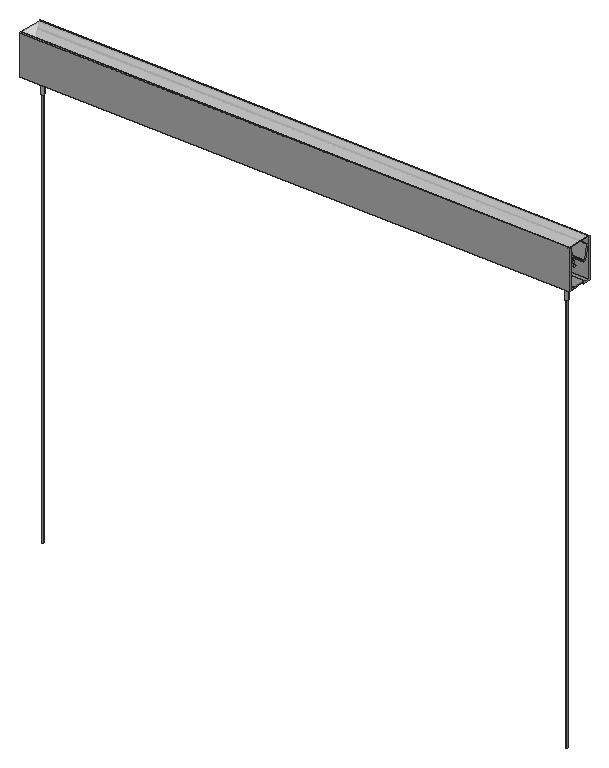
Revit family "2093115 Sylvania Lighting Fixture MC2 1-2M 4K DALI WHT OPAL", category Lighting Fixtures, host Face, Revit 2016
Family settings
  Host = Face
  Part Type = Normal
  Round Connector Dimension = Use Diameter
  OmniClass Number = 23.80.70.11.17
  OmniClass Title = Specialized Lighting by Location or Use
  Cut with Voids When Loaded = No
  Light Source = Yes
  Shared = No
  Room Calculation Point = No
Parameters (values of type "2093115 MC2 1.2M 4K DALI WHT OPAL")
  Width_SYL = 54.0 mm
  Weight = "2.5 kg"
  Wattage = 20.97 W
  WarrantyStartDate [instance] = "n/a"
  WarrantyGuarantorParts = "n/a"
  WarrantyDurationUnit = "n/a"
  WarrantyDurationParts = "n/a"
  WarrantyDescription = "n/a"
  built-in parameter 1150110 = 1 (stored number, unit not read)
  Voltage = 0 V
  URL = "http://www.sylvania-lighting.com"
  TypeName = "MC2 1.2M 4K DALI WHT OPAL"
  built-in parameter 1114217 = 1 (stored number, unit not read)
  Tilt Angle = -90.00°
  built-in parameter 1150109 = 1 (stored number, unit not read)
  built-in parameter 1150134 = 12
  built-in parameter 1150113 = 1 (stored number, unit not read)
  SerialNumber [instance] = "n/a"
  PowerFactor = 0.98
  PowerConsumption = "20.97 W"
  NominalWidth = 0.0 mm
  NominalLength = 1200.0 mm
  NominalHeight = 86.0 mm
  Name = "MC2 1.2M 4K DALI WHT OPAL"
  ModelReference = "MC2 1.2M 4K DALI WHT OPAL"
  ModelNumber = "2093115"
  Material_3_SYL = Metal_Sylvania_Mini Contiuum II_Silver
  Photometric Web File = "2093115.ies"
  Material_4_SYL = Metal_Sylvania_Mini Contiuum II_Silver
  MountingHeight_SYL [instance] = 1000.0 mm
  Material = "aluminium housing, polycarbonate diffuser"
  ManufacturerName = "Feilo Sylvania"
  LuminousEfficacy = "112 lm/W"
  LuminaireType = ""
  LightOutputRatio = "100"
  Length_SYL = 1200.0 mm
  LampsType = Lamp  # "LED"
  LampNominalLuminous = "2340 lm"
  LampMacAdamStep = "3"
  LampColourTemperature = "4000 K"
  LampColourRenderingIndex = "80"
  Keynote = "16500"
  InstallationDate [instance] = "n/a"
  InputVoltage = "n/a"
  InputNominalFrequency = "n/a"
  IngressProtection = "IP20"
  ImpactProtectionIndex = "n/a"
  IfcExportType = "IfcLightFixtureType"
  IfcExportAs = "IfcLightFixtureType"
  Height_SYL = 86.0 mm
  ExpectedLife = 50000
  EndCapRight_SYL [instance] = no
  EndCapLeft_SYL [instance] = no
  Emit from Rectangle Width = Width_SYL - 2.0 mm  # 52.0 mm
  Emit from Rectangle Length = Length_SYL  # 1200.0 mm
  Emit Shape Visible in Rendering = no
  ElectricShockClassification = "Class I"
  DurationUnit = "hours"
  DocumentationLiterature = "http://www.sylvania-lighting.com/product/en-int/products/2093115"
  DimmingControlOptions = "n/a"
  CreatedOn = "10/15/2018"
  CreatedBy = "@sylvania-lighting.com"
  built-in parameter 1114216 [instance] = 1 (stored number, unit not read)
  Model = "MC2 1.2M 4K DALI WHT OPAL"
  Manufacturer = "Feilo Sylvania"
  built-in parameter 1150105 = 186.9 (stored number, unit not read)
  Lumens = 2348.64 lm
  built-in parameter 1150115 = 1 (stored number, unit not read)
  built-in parameter 1150137 = (empty or 0)
  built-in parameter 1150139 = (empty or 0)
  built-in parameter 1150112 = 1 (stored number, unit not read)
  built-in parameter 1150114 = 1 (stored number, unit not read)
  Lamp = "LED"
  built-in parameter 1150132 = 2
  built-in parameter 1150102 = (empty or 0)
  built-in parameter 1150107 = 4000 (stored number, unit not read)
  built-in parameter 1150138 = (empty or 0)
  built-in parameter 1150106 = 1.869 (stored number, unit not read)
  Material_1_SYL = Metal_Sylvania_Mini Continuum II_White
  built-in parameter 1150104 = 10.405 (stored number, unit not read)
  Dimming Lamp Color Temperature Shift = <None>
  Material_2_SYL = Polycarbonate_Sylvania_Mini Continuum II_Opal_4000K
  Description = "2093115   MC2 1.2M 4K DALI WHT OPAL  Continuous lines of LED light, white RAL 9016, direct distribution, trimless detail for a seamless finish, suitable for recessed, semi-recessed, surface-mounted or suspended installation either horizontally or vertically, various accessories available, compact and minimalist design based on the Golden Mean, ideal for offices, meeting rooms, corridors, education facilities, museums and libraries, extruded aluminium body, diffuser: opal, colour temperature: 4000K neutral white, total system power: 21W, total fixture output: 2207lm, luminaire efficacy: 105lm/W, LOR: 100%, colour rendering: Ra >80, LED Chromacity: 1 step MacAdam ellipse, lifetime: 60,000 hours at 90% of the original output (L90), energy class: A++, A+, A, IR/UV free light source without heat radiation, operating voltage: 220-240V / 50-60Hz, drive current: 800mA, electronic driver, DALI dimmable, electrical protection: CLASS I, IP20, suitable for internal internal environment only."
  Default Elevation = 0.0 mm
  Color Filter = 16777215
  built-in parameter 1140040 [instance] = 1
  BarCode [instance] = "n/a"
  built-in parameter 1114218 = 1 (stored number, unit not read)
  built-in parameter 1150133 = 10 (stored number, unit not read)
  AssetType = "Fixed"
  AssetIdentifier [instance] = "n/a"
  Assembly Code = "D5020200"
  Apparent Load = 20.97 VA
Reference planes
  plane 1 "Center (Front/Back)": y = 0
  plane 2 "Bottom Fixtures": z = 0
  plane 3 "Center (Left/Right)": x = 0
  plane 4 "Fixture Left": x = -600
  plane 5 "Fixture Right": x = 600
  plane 6 "Fixture Bottom": z = 1000
  plane 7: z = 998
  plane 8: z = 996
  plane 9: z = 986.951
  plane 10: z = 956.951
  plane 11 "Fixture Top": z = 914
  plane 12 "Mounting Right": x = 572
  plane 13 "Mounting Left": x = -572
  plane 14: z = 879
  plane 15: y = 27
  plane 16: y = -27
  plane 17: y = -26
  plane 18: y = -25
  plane 19: y = 26
  plane 20: y = 25
  plane 21: y = 11
  plane 22: y = -11
  plane 23: y = 24
  plane 24: y = 22
  plane 25: y = -22
  plane 26: y = 15
  plane 27: y = -15
  plane 28 "Upper Diffuser Left": x = -450
  plane 29 "Upper Diffuser Right": x = 450
  plane 30: x = -602
  plane 31: x = 602
Forms (mm)
  Extrusion 1, solid, material "Metal_Sylvania_Mini Continuum II_White" <- "Material_1_SYL", detail levels fine
    sketch origin (0, 0, 520) x (0, 1, 0) y (0, 0, 1)
      loop
        line (27, 480) -> (26, 480) -> (26, 478) -> (25, 478) -> (25, 396) -> (13, 396) -> (13, 398) -> (-13, 398) -> (-13, 396) -> (-25, 396) -> (-25, 478) -> (-26, 478) -> (-26, 480) -> (-27, 480) -> (-27, 394) -> (-11, 394) -> (-11, 396) -> (11, 396) -> (11, 394) -> (27, 394) -> (27, 480)
    from -600 to 600
  Extrusion 2, solid, material "Polycarbonate_Sylvania_Mini Continuum II_Opal_4000K" <- "Material_2_SYL", detail levels fine
    sketch origin (0, 0, 520) x (0, 1, 0) y (0, 0, 1)
      loop
        line (-26, 480) -> (-26, 478) -> (26, 478) -> (26, 480) -> (-26, 480)
    from -600 to 600
  Extrusion 3, solid, material "Metal_Sylvania_Mini Contiuum II_Silver" <- "Material_3_SYL", detail levels fine
    sketch origin (0, 0, 520) x (0, 1, 0) y (0, 0, 1)
      loop
        line (22, 466.951) -> (20.973, 466.951) -> (14.206, 437.951) -> (11, 437.951) -> (11, 436.951) -> (15, 436.951) -> (22, 466.951)
      loop
        line (-15, 436.951) -> (-11, 436.951) -> (-11, 437.951) -> (-14.206, 437.951) -> (-20.973, 466.951) -> (-22, 466.951) -> (-15, 436.951)
    from -600 to 600
  Extrusion 4, solid, material "Metal_Sylvania_Mini Continuum II_White" <- "Material_1_SYL", detail levels coarse+medium
    sketch origin (0, 0, 520) x (0, 1, 0) y (0, 0, 1)
      loop
        line (-27, 480) -> (-27, 394) -> (27, 394) -> (27, 480) -> (-27, 480)
    from -600 to 600
  Extrusion 5, solid, material "Metal_Sylvania_Mini Contiuum II_Silver" <- "Material_4_SYL", detail levels fine
    sketch origin (0, 0, -86) x (-1, 0, 0) y (0, -1, 0)
      loop
        circle (572, 0) r 4
      loop
        circle (-572, 0) r 4
    from 965 to 1002
  Extrusion 6, solid, material "Metal_Sylvania_Mini Contiuum II_Silver" <- "Material_4_SYL", detail levels fine
    sketch origin (0, 0, -86) x (-1, 0, 0) y (0, -1, 0)
      loop
        circle (-572, 0) r 1
      loop
        circle (572, 0) r 1
    from 86 to 965
  Extrusion 7, solid, material "Metal_Sylvania_Mini Continuum II_White" <- "Material_1_SYL", visible <- "EndCapLeft_SYL"
    sketch origin (-600, 171.684, 1219.2) x (0, 1, 0) y (0, 0, 1)
      loop
        line (-198.684, -305.2) -> (-144.684, -305.2) -> (-144.684, -219.2) -> (-198.684, -219.2) -> (-198.684, -305.2)
    from 0 to -2
  Extrusion 8, solid, material "Metal_Sylvania_Mini Continuum II_White" <- "Material_1_SYL", visible <- "EndCapRight_SYL"
    sketch origin (600, 171.684, 1219.2) x (0, 1, 0) y (0, 0, -1)
      loop
        line (-144.684, 219.2) -> (-144.684, 305.2) -> (-198.684, 305.2) -> (-198.684, 219.2) -> (-144.684, 219.2)
    from 0 to -2
Lines and regions (mm)
  Masking region 1
    outline origin (0, 0, -86) x (-1, 0, 0) y (0, -1, 0)
      loop
        line (600, -27) -> (600, 27) -> (-600, 27) -> (-600, -27) -> (600, -27)
  symbolic lines, detail levels fine
    curve 1: line (-600, 26, -86) -> (600, 26, -86)
    curve 2: line (-600, -26, -86) -> (600, -26, -86)
  model lines, detail levels coarse+medium
    curve 3: line (-572, 0, 914) -> (-572, 0, 0)
    curve 4: line (572, 0, 914) -> (572, 0, 0)
Dimensions and locks
  host sketch curve to plane 3 "Center (Left/Right)" to host sketch curve = 820.0 mm, 775.047 mm
  equal spacing: plane 4 "Fixture Left", plane 3 "Center (Left/Right)", plane 5 "Fixture Right"
  "Length_SYL": plane 4 "Fixture Left" to plane 5 "Fixture Right"
  plane 6 "Fixture Bottom" to plane 7 to plane 8 to plane 9 to plane 10 = 2.0 mm locked, 2.0 mm locked, 9.049 mm locked, 30.0 mm locked
  locked: Extrusion 1 sketch curve to Extrusion 1 sketch curve at 2
  locked: Extrusion 1 sketch curve to plane 11 "Fixture Top" at 2
  "Height_SYL": plane 6 "Fixture Bottom" to plane 11 "Fixture Top"
  locked: plane 12 "Mounting Right" to plane 5 "Fixture Right" at 28
  locked: plane 4 "Fixture Left" to plane 13 "Mounting Left" at 28
  locked: plane 11 "Fixture Top" to plane 14 at 35
  "MountingHeight_SYL": plane 6 "Fixture Bottom" to plane 2 "Bottom Fixtures"
  equal spacing: plane 15, plane 1 "Center (Front/Back)", plane 16
  "Width_SYL": plane 15 to plane 16
  plane 22 to plane 27 to plane 25 to plane 18 to plane 17 to plane 16 = 4.0 mm locked, 7.0 mm locked, 3.0 mm locked, 1.0 mm locked, 1.0 mm locked
  plane 15 to plane 19 to plane 20 to plane 23 to plane 24 to plane 26 to plane 21 = 1.0 mm locked, 1.0 mm locked, 1.0 mm locked, 2.0 mm locked, 7.0 mm locked, 4.0 mm locked
  locked: plane 4 "Fixture Left" to plane 28 "Upper Diffuser Left" at 150
  locked: plane 29 "Upper Diffuser Right" to plane 5 "Fixture Right" at 150
  equal spacing: plane 30, plane 3 "Center (Left/Right)", plane 31
  locked: plane 30 to plane 4 "Fixture Left" at 2
  aligned and locked: plane 2 "Bottom Fixtures" to host face
  aligned and locked: level to host face
  aligned and locked: plane 5 "Fixture Right" to curve 1
  aligned and locked: plane 4 "Fixture Left" to curve 1
  aligned and locked: plane 4 "Fixture Left" to curve 2
  aligned and locked: plane 5 "Fixture Right" to curve 2
  aligned and locked: Extrusion 1 sketch curve to plane 7
  aligned and locked: plane 6 "Fixture Bottom" to Extrusion 1 sketch curve  (x2)
  aligned and locked: plane 7 to Extrusion 1 sketch curve
  aligned and locked: Extrusion 1 to Extrusion 2 sketch curve
  aligned and locked: Extrusion 2 sketch curve to Extrusion 1  (x3)
  aligned and locked: Extrusion 3 sketch curve to plane 10
  aligned and locked: plane 9 to Extrusion 3 sketch curve
  aligned and locked: Extrusion 3 sketch curve to plane 9
  aligned and locked: Extrusion 4 sketch curve to plane 6 "Fixture Bottom"
  aligned and locked: Extrusion 4 to plane 4 "Fixture Left"
  aligned and locked: Extrusion 2 to plane 4 "Fixture Left"
  aligned and locked: Extrusion 3 to plane 4 "Fixture Left"
  aligned and locked: Extrusion 1 to plane 4 "Fixture Left"
  aligned and locked: Extrusion 4 to plane 5 "Fixture Right"
  aligned and locked: Extrusion 2 to plane 5 "Fixture Right"
  aligned and locked: Extrusion 3 to plane 5 "Fixture Right"
  aligned and locked: Extrusion 1 to plane 5 "Fixture Right"
  aligned and locked: plane 11 "Fixture Top" to Extrusion 4 sketch curve
  aligned and locked: Extrusion 1 sketch curve to plane 11 "Fixture Top"  (x2)
  aligned and locked: Extrusion 1 sketch curve to Extrusion 1 sketch curve
  aligned and locked: plane 6 "Fixture Bottom" to imposter light
  aligned and locked: plane 11 "Fixture Top" to curve 3
  aligned and locked: plane 2 "Bottom Fixtures" to curve 3
  aligned and locked: plane 11 "Fixture Top" to curve 4
  aligned and locked: plane 2 "Bottom Fixtures" to curve 4
  aligned and locked: curve 4 to plane 12 "Mounting Right"
  aligned and locked: curve 3 to plane 13 "Mounting Left"
  aligned and locked: Extrusion 5 to Extrusion 1
  aligned and locked: Extrusion 5 to plane 14
  aligned and locked: plane 14 to Extrusion 6
  aligned and locked: Extrusion 6 to level
  aligned and locked: plane 21 to Extrusion 3 sketch curve
  aligned and locked: Extrusion 3 sketch curve to plane 22
  aligned and locked: Extrusion 7 sketch curve to Extrusion 4  (x4)
  aligned and locked: Extrusion 7 to plane 30
  aligned and locked: plane 4 "Fixture Left" to Extrusion 7
  aligned and locked: Extrusion 8 sketch curve to Extrusion 4  (x4)
  aligned and locked: plane 31 to Extrusion 8
  aligned and locked: plane 5 "Fixture Right" to Extrusion 8
Automatic sketch dimensions
  host sketch curve to host sketch curve = 1047.463 mm
  plane 19 to curve 1 = 0.0 mm
  curve 2 to plane 17 = 0.0 mm
  Masking region 1 sketch curve to plane 5 "Fixture Right" = 0.0 mm
  Masking region 1 sketch curve to plane 4 "Fixture Left" = 0.0 mm
  plane 15 to Masking region 1 sketch curve = 0.0 mm
  Masking region 1 sketch curve to plane 16 = 0.0 mm
  Extrusion 1 sketch curve to plane 16 = 0.0 mm
  Extrusion 1 sketch curve to plane 17 = 0.0 mm
  Extrusion 1 sketch curve to plane 18 = 0.0 mm
  Extrusion 1 sketch curve to plane 22 = 0.0 mm
  Extrusion 1 sketch curve to plane 21 = 0.0 mm
  Extrusion 1 sketch curve to plane 20 = 0.0 mm
  Extrusion 1 sketch curve to plane 19 = 0.0 mm
  Extrusion 1 sketch curve to plane 15 = 0.0 mm
  plane 11 "Fixture Top" to Extrusion 1 sketch curve = 2.0 mm
  Extrusion 1 sketch curve to plane 22 = 2.0 mm
  Extrusion 1 sketch curve to plane 21 = 2.0 mm
  Extrusion 3 sketch curve to plane 25 = 0.0 mm
  Extrusion 3 sketch curve to plane 27 = 0.0 mm
  Extrusion 3 sketch curve to plane 26 = 0.0 mm
  Extrusion 3 sketch curve to plane 24 = 0.0 mm
  plane 10 to Extrusion 3 sketch curve = 1.0 mm
  Extrusion 3 sketch curve to Extrusion 3 sketch curve = 1.027 mm
  plane 27 to Extrusion 3 sketch curve = 0.794 mm
  plane 26 to Extrusion 3 sketch curve = 0.794 mm
  plane 24 to Extrusion 3 sketch curve = 1.027 mm
  Extrusion 4 sketch curve to plane 16 = 0.0 mm
  Extrusion 4 sketch curve to plane 15 = 0.0 mm
  plane 1 "Center (Front/Back)" to Extrusion 5 sketch curve = 0.0 mm  (x2)
  Extrusion 5 sketch curve to plane 12 "Mounting Right" = 0.0 mm
  Extrusion 5 sketch curve to plane 13 "Mounting Left" = 0.0 mm
  plane 1 "Center (Front/Back)" to Extrusion 6 sketch curve = 0.0 mm  (x2)
  Extrusion 6 sketch curve to plane 12 "Mounting Right" = 0.0 mm
  Extrusion 6 sketch curve to plane 13 "Mounting Left" = 0.0 mm
  Extrusion 3 sketch curve to Extrusion 3 sketch curve = 0.0 mm
  Extrusion 3 sketch curve to plane 10 = 0.0 mm
  radius of Extrusion 5 sketch curve = 4.0 mm  (x2)
  radius of Extrusion 6 sketch curve = 1.0 mm  (x2)
Connectors
  electrical at (600, 0, 949), driven by "Apparent Load"
    settings: on Extrusion 1, index 1, voltage 230 V, apparent load 0 VA, apparent load phase1 20.97 VA, apparent load phase2 0 VA, apparent load phase3 0 VA, power factor 1, load classification "Lighting", number of poles 1, system type 31, power factor state 1, is connector primary yes, connector utility no, sub classification motor no, connector description ""
